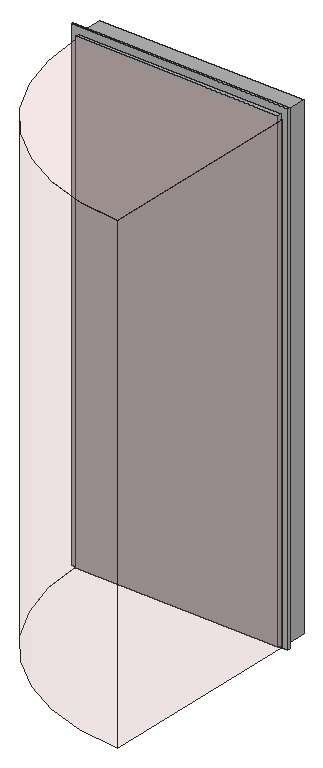
Revit family "ASSA ABLOY - ALPE Sp 120-1, single-leaf, angular frame", category Doors, host Wall, Revit 2021
Family settings
  Host = Wall
  OmniClass Number = 23.30.10.00
  OmniClass Title = Doors
  Always vertical = Yes
  Cut with Voids When Loaded = No
  Shared = No
  Room Calculation Point = No
Parameters (values of type "800 x 2100 (802 x 2101)")
  URL = "https://www.assaabloy.com/pl/pl"
  Type Comments = "Door leaf made of two pressed galvanised steel sheets 1,25mm thick. Filled with mineral wool glued to the sheets with polyurethane adhesive. Door with 3-sided thick rebate. "
  Symbol Radius = Door Leaf Width + 13.500 mm  # 927.500 mm
  Rough Width Real = Width Round + Rough Width Conversion + Rough Width Adjustment  # 918.000 mm
  Rough Width Conversion = 118.000 mm  # constant formula
  Rough Width Adjustment = 0.000 mm  # constant formula
  Rough Height Real = Height Round + Rough Height Conversion + Rough Height Adjustment  # 2159.000 mm
  Rough Height Conversion = 59.000 mm  # constant formula
  Rough Height Adjustment = 0.000 mm  # constant formula
  Opening Zone [instance] = yes
  Model = "Doorset_Steel fireproof door EI120_ASSA ABLOY Opening Solutions_Hardware 3D"
  Hinges Material = Default steel
  HW Item 9 = "1x Planet FT: drop-down seal_Planet (option)"
  HW Item 8 = "1x 206253: Vercy door stopper, max 120 kg_ASSA ABLOY (option) "
  Frame Finish [instance] = ""
  Fire Rating = "EI120"  # constant formula
  Width Round = roundup((Width / 5.000 mm)) * 5.000 mm  # 800.000 mm
  Thickness = 76.000 mm  # constant formula
  Smoke Rating = "Sa, S200 (optional)"
  Rough Width = Width Round + 2.000 mm + Rough Width Conversion + Rough Width Adjustment  # 920.000 mm
  Rough Height = Height Round + 1.000 mm + Rough Height Conversion + Rough Height Adjustment  # 2160.000 mm
  Readme = "The actual lintel height is consistent with the Rough Height parameter.\nThe final HW Set should be consistent with the function of the door and its  parameters.\nHardware mounted on door surface may affect the clear passage opening. For verification, please contact the specification department.\nFor the corner door frame installed in a steel structure and plasterboard walls, add 3 cm per each leaf to the width of the Rough Width opening."
  Provider = "ASSA ABLOY Opening Solutions"
  Product Group = "Single-Steel"
  Name = "Steel fireproof door EI120"
  Min Door Width = 540.000 mm
  Min Door Height = 585.000 mm
  Mechanical Strength = 4
  Max Door Width = 1200.000 mm
  Max Door Height = 2690.000 mm
  Manufacturer = "ASSA ABLOY"  # constant formula
  IfcExportType = "USERDEFINED"
  IfcExportAs = "IfcDoorType"
  Height Round = roundup((Height / 5.000 mm)) * 5.000 mm  # 2100.000 mm
  Hardware Set = "1.9PL"
  HW Item 7 = "1x Rosette set PZPZ_Standard ASSA ABLOY"
  HW Item 6 = "1x Handle set_Standard ASSA ABLOY"
  HW Item 5 = "1x Euro profile cylinder_Standard ASSA ABLOY"
  HW Item 4 = "1x N1050: One System mechanical mortice lockcase for fire doors_ASSA ABLOY"
  HW Item 3 = "1x A153: mechanical opening damper_ASSA ABLOY (option)"
  HW Item 2 = "1x G195: door closer guide rail_ASSA ABLOY"
  HW Item 1 = "1x DC700/ DC500: door closer, Cam-Motion®_ASSA ABLOY"
  Function = Interior
  Height = 2100.000 mm
  Wall Closure = By host
  Width = 800.000 mm
  Frame Type = "Welded steel corner frame, made of galvanised sheet 1,8mm thick."
  Frame Material = Default steel
  Family name = "1.9_DOORSET_ALPE Sp 120-1_SINGLE-LEAF_CORNER FRAME_ASSA ABLOY PL"
  Environmental Product Declaration (EPD) = "To be confirmed with Provider"  # constant formula
  Environmental Management System = "To be confirmed with Provider"  # constant formula
  Edition number = "1"
  Door Type = "ALPE Sp 120-1"
  Door Material = Default steel
  Door Leaf Width = Width Round + 114.000 mm + Rough Width Adjustment  # 914.000 mm
  Door Finish Push Side [instance] = ""
  Door Finish Pull Side [instance] = ""
  Description = "ALPE Sp 120-1, door leaf made of two pressed galvanised steel sheets 1,25mm thick. Filled with mineral wool glued to the sheets with polyurethane adhesive. Door with 3-sided thick rebate. Stainless steel hinges with 3D regulation. Mechanical durability – class C5 according to PN-EN 16034:2014. Mechanical strength – class 4 according to PN-EN 1192:2001. Welded steel corner frame, made of galvanised sheet 1,8mm thick."
  Date of publishing = ""
  Contact Provider = "https://www.assaabloy.com/pl/pl/solutions/topics/bim-specification/contact"
  Brand = "ASSA ABLOY Mercor Doors Sp. z o. o."  # constant formula
  Author = "www.archispace.pl"
Types (6, lengths in mm): name | Symbol Radius | Rough Width Real | Rough Height Real | Width Round | Rough Width | Rough Height | Height Round | Height | Width | Door Leaf Width
  540 x 585 (542 x 586) | 667.500 | 658.000 | 644.000 | 540.000 | 660.000 | 645.000 | 585.000 | 585.000 | 540.000 | 654.000
  800 x 2100 (802 x 2101) | 927.500 | 918.000 | 2159.000 | 800.000 | 920.000 | 2160.000 | 2100.000 | 2100.000 | 800.000 | 914.000
  900 x 2100 (902 x 2101) | 1027.500 | 1018.000 | 2159.000 | 900.000 | 1020.000 | 2160.000 | 2100.000 | 2100.000 | 900.000 | 1014.000
  1000 x 2100 (1002 x 2101) | 1127.500 | 1118.000 | 2159.000 | 1000.000 | 1120.000 | 2160.000 | 2100.000 | 2100.000 | 1000.000 | 1114.000
  1100 x 2100 (1102 x 2101) | 1227.500 | 1218.000 | 2159.000 | 1100.000 | 1220.000 | 2160.000 | 2100.000 | 2100.000 | 1100.000 | 1214.000
  1200 x 2690 (1202 x 2691) | 1327.500 | 1318.000 | 2749.000 | 1200.000 | 1320.000 | 2750.000 | 2690.000 | 2690.000 | 1200.000 | 1314.000
Reference planes
  plane 1: y = 0
  plane 2 "Center (Left/Right)": x = 0
  plane 3: z = 2160
  plane 4 "Exterior": y = 120
  plane 5 "Interior": y = -120
  plane 6: x = -459
  plane 7: x = 459
  plane 8: z = 2100
  plane 9: y = -57
  plane 10: y = -68
  plane 11: y = -5.5
  plane 12: y = -2
  plane 13: y = -129
  plane 14: x = -440
  plane 15: x = 442
  plane 16: z = 2142
  plane 17: z = 8
  plane 18: y = -138.75
  plane 19: x = 471.5
  plane 20: x = -460
  plane 21: x = 460
  plane 22: x = -400
  plane 23: x = 400
  plane 24: z = 2159
Forms (mm)
  Sweep 1, solid, material "Default steel" <- "Frame Material"
    path origin (0, -120, 0) x (1, 0, 0) y (0, 0, 1)
      loop
        line (-459, 0) -> (-459, 2159) -> (459, 2159) -> (459, 0)
    profile origin (-459, -120, 1079.5) x (-1, 0, 0) y (0, -1, 0)
      loop
        line (30, 0) -> (30, 9) -> (-12, 9) -> (-12, -63) -> (-27, -63) -> (-27, -52) -> (-59, -52) -> (-59, -118) -> (-14, -118) -> (-14, -114.5) -> (0, -114.5) -> (0, 0) -> (30, 0)
  Sweep 2, solid, material "Default steel" <- "Door Material"
    path origin (-5000, -120, 0) x (1, 0, 0) y (0, 0, 1)
      loop
        line (4560, 8) -> (4560, 2142) -> (5442, 2142) -> (5442, 8)
    profile origin (1, -120, 2142) x (0, 0, 1) y (0, -1, 0)
      loop
        line (0, 11) -> (16, 11) -> (16, 26) -> (0, 26) -> (0, 11)
  Sweep 3, solid, material "Default steel" <- "Door Material"
    path origin (-5000, -120, 0) x (1, 0, 0) y (0, 0, 1)
      loop
        line (5000, 8) -> (5000, 2142)
    profile origin (0, -120, 1075) x (-1, 0, 0) y (0, -1, 0)
      loop
        line (440, -50) -> (440, 26) -> (-442, 26) -> (-442, -50) -> (440, -50)
  Sweep 4, solid, material "Opening zone", visible <- "Opening Zone"
    path origin (-5000, 0, 0) x (-1, 0, 0) y (0, 0, 1)
      loop
        line (-5000, 8) -> (-5000, 2142)
    profile origin (0, 0, 1075) x (1, 0, 0) y (0, 1, 0)
      loop
        line (471.5, -138.75) -> (-456, -138.75)
        arc (-456, -138.75) -> (-184.342, -794.592) -> (471.5, -1066.25) r 927.5
        line (471.5, -1066.25) -> (471.5, -138.75)
Cuts and joins
  joined: Sweep 2, Sweep 3
Lines and regions (mm)
  Masking region 1, detail levels fine
    outline origin (-1177.682, -300, 2052) x (-1, 0, 0) y (0, -1, 0)
      loop
        line (-777.682, -232) -> (-777.682, -298) -> (-732.682, -298) -> (-732.682, -294.5) -> (-718.682, -294.5) -> (-718.682, -180) -> (-688.682, -180) -> (-688.682, -171) -> (-730.682, -171) -> (-730.682, -243) -> (-745.682, -243) -> (-745.682, -232) -> (-777.682, -232)
      loop
        line (-1577.682, -232) -> (-1609.682, -232) -> (-1609.682, -243) -> (-1624.682, -243) -> (-1624.682, -171) -> (-1666.682, -171) -> (-1666.682, -180) -> (-1636.682, -180) -> (-1636.682, -294.5) -> (-1622.682, -294.5) -> (-1622.682, -298) -> (-1577.682, -298) -> (-1577.682, -232)
  Masking region 2, detail levels medium
    outline origin (-1132.682, -300, 2052) x (-1, 0, 0) y (0, -1, 0)
      loop
        line (-673.682, -298) -> (-673.682, -180) -> (-643.682, -180) -> (-643.682, -171) -> (-732.682, -171) -> (-732.682, -298) -> (-673.682, -298)
      loop
        line (-1591.682, -298) -> (-1532.682, -298) -> (-1532.682, -171) -> (-1621.682, -171) -> (-1621.682, -180) -> (-1591.682, -180) -> (-1591.682, -298)
  Masking region 3, detail levels fine
    outline origin (-1132.682, -300, 2052) x (-1, 0, 0) y (0, -1, 0)
      loop
        circle (-1604.182, -161.25) r 11
  Opening 1
    outline origin (-5000, -120, 0) x (1, 0, 0) y (0, 0, 1)
      loop
        line (4540, 2160) -> (4540, 0) -> (5460, 0) -> (5460, 2160) -> (4540, 2160)
  symbolic lines, style "Elevation Swing"
    curve 1: line (-400, -120, 1080) -> (400, -120, 2100)
    curve 2: line (-400, -120, 1080) -> (400, -120, 8)
Text (mm)
  text "Exterior" at (-1376.75, 1099.543, 0), in view "Ref. Level"
  text "Exterior" at (0, 1615.38, 3698.081), in view "Left"
  text "Exterior" at (0, 1036.032, 3874.932), in view "Right"
Dimensions and locks
  "Rough Height": plane 3 to host wall
  equal spacing: host wall, curve 2, plane 3
  host wall to plane 3 = 2160.000 mm
  locked: plane 4 "Exterior" to host wall
  locked: plane 5 "Interior" to host wall
  equal spacing: plane 6, plane 2 "Center (Left/Right)", plane 7
  "Rough Width Real": plane 6 to plane 7
  "Height": plane 8 to level
  locked: plane 13 to plane 5 "Interior" at 9
  locked: plane 5 "Interior" to plane 10 at 52
  locked: plane 9 to plane 10 at 11
  locked: plane 11 to plane 9 at 51.5
  locked: plane 12 to plane 11 at 3.5
  locked: plane 7 to Masking region 2 sketch curve at 30
  locked: Masking region 2 sketch curve to plane 7 at 59
  locked: plane 15 to plane 7 at 17
  locked: plane 17 to level at 8
  locked: plane 18 to plane 5 "Interior" at 18.75
  locked: plane 7 to plane 19 at 12.5
  locked: plane 6 to Masking region 2 sketch curve at 59
  locked: Masking region 2 sketch curve to plane 6 at 30
  equal spacing: plane 21, plane 2 "Center (Left/Right)", plane 20
  "Rough Width": plane 21 to plane 20
  locked: plane 6 to plane 14 at 19
  locked: plane 6 to plane 22 at 59
  locked: plane 23 to plane 7 at 59
  "Rough Height Real": plane 24 to level
  locked: plane 24 to plane 16 at 17
  locked: Sweep 3 sketch curve to Sweep 3 sketch curve at 76
  "Symbol Radius": radius of Sweep 4 sketch curve
  aligned and locked: plane 1 to host wall
  aligned and locked: level to Sweep 1 sketch curve  (x2)
  aligned and locked: Sweep 1 sketch curve to plane 6
  aligned and locked: plane 7 to Sweep 1 sketch curve
  aligned and locked: plane 2 "Center (Left/Right)" to Sweep 3 sketch curve
  aligned and locked: nested 1 to plane 2 "Center (Left/Right)"
  aligned and locked: plane 5 "Interior" to nested 1
  aligned and locked: Masking region 2 sketch curve to plane 6
  aligned and locked: plane 5 "Interior" to Masking region 2 sketch curve
  aligned and locked: Masking region 2 sketch curve to plane 7
  aligned and locked: Masking region 2 sketch curve to plane 5 "Interior"
  aligned and locked: plane 2 "Center (Left/Right)" to Sweep 4 sketch curve
  aligned and locked: plane 10 to Masking region 1 sketch curve
  aligned and locked: plane 9 to Masking region 1 sketch curve
  aligned and locked: plane 11 to Masking region 1 sketch curve
  aligned and locked: plane 12 to Masking region 1 sketch curve
  aligned and locked: plane 13 to Masking region 1 sketch curve
  aligned and locked: Masking region 1 sketch curve to plane 13
  aligned and locked: Masking region 1 sketch curve to plane 10
  aligned and locked: Masking region 1 sketch curve to plane 9
  aligned and locked: Masking region 1 sketch curve to plane 11
  aligned and locked: Masking region 1 sketch curve to plane 12
  aligned and locked: Sweep 1 sketch curve to plane 13
  aligned and locked: Sweep 1 sketch curve to plane 10
  aligned and locked: Sweep 1 sketch curve to plane 9
  aligned and locked: plane 11 to Sweep 1 sketch curve
  aligned and locked: plane 12 to Sweep 1 sketch curve
  aligned and locked: plane 13 to Masking region 2 sketch curve
  aligned and locked: Masking region 2 sketch curve to plane 12
  aligned and locked: Masking region 2 sketch curve to plane 13
  aligned and locked: plane 12 to Masking region 2 sketch curve
  aligned and locked: plane 14 to Sweep 2 sketch curve
  aligned and locked: Sweep 2 sketch curve to plane 16
  aligned and locked: plane 15 to Sweep 2 sketch curve
  aligned and locked: plane 16 to Sweep 3 sketch curve
  aligned and locked: plane 15 to Sweep 3 sketch curve
  aligned and locked: plane 14 to Sweep 3 sketch curve
  aligned and locked: plane 18 to Masking region 3 sketch curve
  aligned and locked: plane 18 to Sweep 4 sketch curve
  aligned and locked: plane 19 to Masking region 3 sketch curve
  aligned and locked: Sweep 4 sketch curve to plane 19
  aligned and locked: level to Opening 1 sketch curve
  aligned and locked: plane 3 to Opening 1 sketch curve
  aligned and locked: plane 20 to Opening 1 sketch curve
  aligned and locked: Opening 1 sketch curve to plane 21
  aligned and locked: Sweep 1 sketch curve to plane 24
  aligned and locked: plane 17 to Sweep 2 sketch curve  (x2)
  aligned and locked: plane 17 to Sweep 3 sketch curve
  aligned and locked: plane 16 to Sweep 4 sketch curve
  aligned and locked: plane 17 to Sweep 4 sketch curve
  aligned and locked: plane 23 to curve 2
  aligned and locked: plane 17 to curve 2
  aligned and locked: plane 23 to curve 1
  aligned and locked: plane 8 to curve 1
  aligned and locked: plane 22 to curve 1
  aligned and locked: Sweep 3 sketch curve to cut or joined group of Sweep 2, Sweep 3
Automatic sketch dimensions
  plane 5 "Interior" to Sweep 1 sketch curve = 0.000 mm
  Sweep 1 sketch curve to profile plane = 0.000 mm
  profile plane to Sweep 1 sketch curve = 12.000 mm
  profile plane to Sweep 1 sketch curve = 14.000 mm
  Sweep 1 sketch curve to Sweep 1 sketch curve = 15.000 mm
  Sweep 1 sketch curve to Sweep 1 sketch curve = 32.000 mm
  Sweep 1 sketch curve to profile plane = 30.000 mm
  host wall to Masking region 1 sketch curve = 0.000 mm  (x2)
  plane 7 to Masking region 1 sketch curve = 0.000 mm
  plane 6 to Masking region 1 sketch curve = 0.000 mm
  plane 7 to Masking region 1 sketch curve = 12.000 mm
  Masking region 1 sketch curve to Masking region 1 sketch curve = 14.000 mm  (x2)
  Masking region 1 sketch curve to Masking region 1 sketch curve = 15.000 mm
  Masking region 1 sketch curve to Masking region 1 sketch curve = 45.000 mm
  Masking region 1 sketch curve to plane 6 = 59.000 mm
  Masking region 1 sketch curve to plane 6 = 27.000 mm
  Masking region 1 sketch curve to plane 6 = 12.000 mm
  plane 6 to Masking region 1 sketch curve = 30.000 mm
  plane 19 to Masking region 1 sketch curve = 17.500 mm
  profile plane to Sweep 2 sketch curve = 0.000 mm
  Sweep 2 sketch curve to profile plane = 16.000 mm
  profile plane to Sweep 2 sketch curve = 11.000 mm
  Sweep 2 sketch curve to Sweep 2 sketch curve = 15.000 mm
  radius of Masking region 3 sketch curve = 11.000 mm
Nested families
  nested 1: "Detail_Door symbol" at (0, -120, 2052), type "Detail_Door symbol"
Definition of nested family "Detail_Door symbol"
  Parameters (values of type "Detail_Door symbol")
    Symbol Radius = Door Leaf Width + 13.500 mm  # 903.000 mm
    Rough Width = 922.000 mm
    Door Leaf Width = 889.500 mm
  Reference planes
    plane 1 "Center (Front/Back)": y = 0
    plane 2: z = 0
    plane 3 "Center (Left/Right)": x = 0
    plane 4: x = -461
    plane 5: x = 461
    plane 6: y = -18.75
    plane 7: x = 473.5
    plane 8: x = 465.75
    plane 9: x = 480.75
    plane 10: x = 404.75
    plane 11: y = -32.25
    plane 12: y = -48.25
    plane 13: y = -921.75
    plane 14: y = -905.75
  Lines and regions (mm)
    Filled region 1, type "Solid Fill - White", in view "Ref. Level", detail levels fine
      outline origin (-28.5, 43.059, 0) x (0, 1, 0) y (-1, 0, 0)
        loop
          line (-75.309, -509.25) -> (-75.309, -494.25) -> (-91.309, -494.25) -> (-91.309, -433.25) -> (-948.809, -433.25) -> (-948.809, -494.25) -> (-964.809, -494.25) -> (-964.809, -509.25) -> (-75.309, -509.25)
    Filled region 2, type "Solid Fill - White", in view "Ref. Level", detail levels medium
      outline origin (-28.5, 43.059, 0) x (0, 1, 0) y (-1, 0, 0)
        loop
          line (-75.309, -509.25) -> (-75.309, -433.25) -> (-964.809, -433.25) -> (-964.809, -509.25) -> (-75.309, -509.25)
    detail lines, in view "Ref. Level"
      curve 1: arc (473.5, -921.75, 0) -> (-165.017, -657.267, 0) -> (-429.5, -18.75, 0) r 903
    detail lines, in view "Ref. Level", detail levels coarse
      curve 2: line (473.5, -921.75, 0) -> (473.5, -18.75, 0)
  Dimensions and locks
    equal spacing: plane 4, plane 3 "Center (Left/Right)", plane 5
    "Rough Width": plane 4 to plane 5
    locked: plane 5 to plane 7 at 12.5
    locked: plane 6 to plane 1 "Center (Front/Back)" at 18.75
    locked: plane 5 to plane 8 at 4.75
    locked: plane 5 to plane 9 at 19.75
    locked: plane 10 to plane 9 at 76
    locked: plane 11 to plane 1 "Center (Front/Back)" at 32.25
    locked: plane 11 to plane 12 at 16
    "Door Leaf Width": plane 11 to plane 13
    locked: plane 14 to plane 13 at 16
    "Symbol Radius": radius of curve 1
    aligned and locked: plane 7 to curve 1
    aligned and locked: plane 6 to curve 1
    aligned and locked: Filled region 1 sketch curve to plane 9
    aligned and locked: plane 11 to Filled region 1 sketch curve
    aligned and locked: plane 8 to Filled region 1 sketch curve  (x2)
    aligned and locked: plane 12 to Filled region 1 sketch curve
    aligned and locked: Filled region 1 sketch curve to plane 10
    aligned and locked: Filled region 1 sketch curve to plane 13
    aligned and locked: Filled region 1 sketch curve to plane 14
    aligned and locked: plane 11 to Filled region 2 sketch curve
    aligned and locked: Filled region 2 sketch curve to plane 9
    aligned and locked: Filled region 2 sketch curve to plane 10
    aligned and locked: Filled region 2 sketch curve to plane 13
    aligned and locked: plane 6 to curve 2
    aligned and locked: curve 2 to plane 7
    aligned and locked: plane 13 to curve 2
